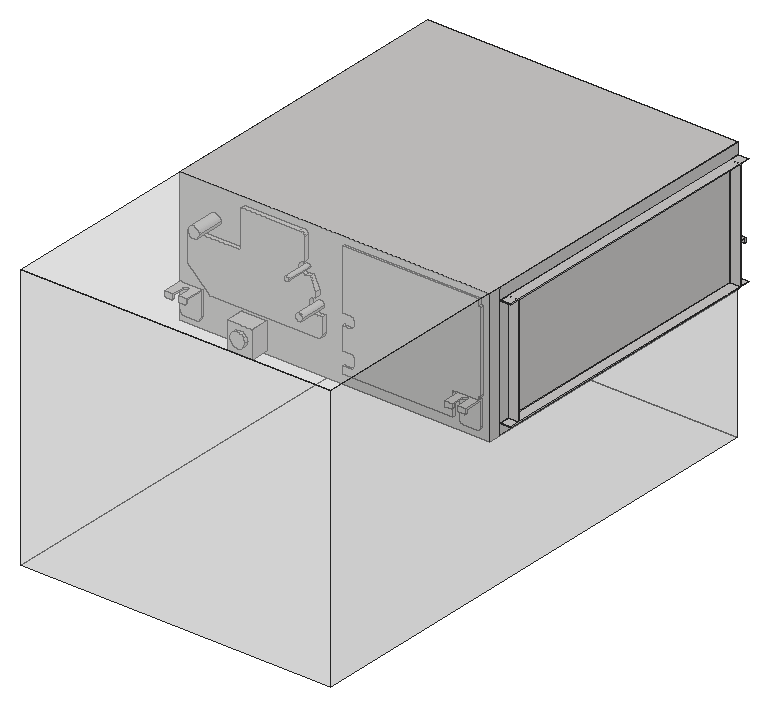
Revit family "outputfile", category 機械設備, Revit 2024
Family settings
  丸型コネクタ寸法 = 半径を使用
  パーツ タイプ = 標準
  OmniClass 番号 = 23.75.10.24.21.27.27
  OmniClass タイトル = Split System Air Conditioning Units
  作業面ベース = いいえ
  常に垂直 = はい
  ロード時にボイドで切り取り = いいえ
  注釈の向きを維持 = いいえ
  共有 = いいえ
  部屋計算ポイント = はい
Parameters (values of type "FXMQ80BFVM")
  Description = ""
  製造元 = "Daikin"
  書き出し IFC クラス(タイプ) = "IfcUnitaryEquipmentType"
  定義済み IFC タイプ(タイプ) = "AIRCONDITIONINGUNIT"
  Cost = 0
  モデル = "FXMQ80BFVM"
  Type Comments = ""
  Keynote = ""
  Type Image = (empty or 0)
  Assembly Code = ""
  w_dischargeflange = 505.0 mm
  w_suctionflange = 670.0 mm
  r_Liquid Pipe Size = Liquid Pipe Size / 2  # 4.75 mm
  r_Gas Pipe Size = Gas Pipe Size / 2  # 7.95 mm
  r_Drain Pipe Size = Drain Pipe Size / 2  # 12.5 mm
  lw_powersupply = 380.0 mm  # constant formula
  lw_mountinghole_pitch = 631.0 mm  # constant formula
  lw_mountinghole = 27.0 mm  # constant formula
  lw_maintenacesocket = 169.0 mm  # constant formula
  lw_liquidpipe = 290.0 mm  # constant formula
  lw_gaspipe = 318.0 mm  # constant formula
  lw_drainpipe = 80.0 mm  # constant formula
  lh_dischargeflange = 165.0 mm  # constant formula
  lh_powersupply = 56.0 mm  # constant formula
  lh_maintenacesocket = 40.0 mm  # constant formula
  lh_liquidpipe = 212.0 mm  # constant formula
  lh_gaspipe = 144.0 mm  # constant formula
  lh_drainpipe = 232.0 mm  # constant formula
  lh_suctionflange = 150.0 mm  # constant formula
  lh_antena = Height - lh_mountinghole + 1.0 mm  # 221.0 mm
  ld_dischargeflange = 285.0 mm
  ld_powersupply = Depth / 2  # 350.0 mm
  ld_mountinghole_pitch = 738.0 mm
  ld_suctionflange = 363.0 mm
  h_dischargeflange = 265.0 mm  # constant formula
  lh_mountinghole = 80.0 mm  # constant formula
  h_mountinghole = [h***] + lh_mountinghole  # 80.0 mm
  h_suctionflange = 297.0 mm  # constant formula
  h*** = 0.0 mm  # constant formula
  d_dischargeflange = 25.0 mm  # constant formula
  d_pipe = 60.0 mm
  d_suctionflange = 25.0 mm  # constant formula
  Width = 700.0 mm
  Voltage_comment_60Hz = "220-230"
  Voltage_comment_50Hz = "220-240"
  Voltage_60Hz = 220 V
  Voltage_50Hz = 230 V
  Version = "ver.1.0"
  Unit Type = "Outdoor Air Processing Unit"
  Unit Mass Weight = 28.00 kg
  Unit Designation [instance] = ""
  Uniclass2015Version = "Products v1.30"
  Uniclass2015Title = "Variable refrigerant flow units"
  Uniclass2015Code = "Pr_70_65_03_94"
  URL = ""
  Total Cooling Capacity [instance] = 0.000 kW
  Supply Air Direction [instance] = yes
  Sound Pressure Level_M speed (dBA) = 30
  Sound Pressure Level_L speed (dBA) = 23
  Sound Pressure Level_H speed (dBA) = 37.5
  Sound Power Level_H speed (dB) = 0
  Series = "VRV Fan Coil Unit"
  Sensible Cooling Capacity [instance] = 0.000 kW
  SA Duct Size Width = 460.0 mm
  SA Duct Size Height = 215.0 mm
  Refrigerant Type = "R410A"
  Power Input (Cooling) = 0.080 kW
  Phase_60Hz = 1
  Phase_50Hz = 1
  Option Accessory 3 [instance] = ""
  Option Accessory 2 [instance] = ""
  Option Accessory 1 [instance] = ""
  OA Duct Size Width = 625.0 mm
  OA Duct Size Height = 247.0 mm
  Nominal Cooling Capacity = 9.000 kW
  Minimum External Static Pressure = 50.00 Pa
  Minimum Circuit Amps_60Hz = 1.38 A
  Minimum Circuit Amps_50Hz = 1.38 A
  Minimum Airflow = 348.00 m³/h
  Median Airflow = 516.00 m³/h
  Maximum Fuse Amps_60Hz = 16.0 A
  Maximum Fuse Amps_50Hz = 16.0 A
  Maximum External Static Pressure = 200.00 Pa
  Maximum Airflow = 690.00 m³/h
  Material_Casing = DAIKIN_GalvanizedSteel_Casing_indoorunit
  Load Classification = HVAC
  Liquid Pipe Size = 9.5 mm
  Link_Nested Family [instance] = ""
  IfcVersion = "0"
  IfcExportType = "AIRCONDITIONINGUNIT"
  IfcExportAs = "IfcUnitaryEquipmentType"
  Height = 300.0 mm
  Heat Exchanger Type = "Cross Fin Coil"
  Gas Pipe Size = 15.9 mm
  Frequency_60Hz = 60 Hz
  Frequency_50Hz = 50 Hz
  Fan Type = "Sirocco Fan"
  Fan Drive = "Direct Drive"
  FCU Tag No. [instance] = ""
  Drain Pipe Size = 25.0 mm
  Design Supply Airflow [instance] = 0.00 m³/h
  Design Outdoor Airflow [instance] = 0.00 m³/h
  Design External Static Pressure [instance] = 0.00 Pa
  Depth = 700.0 mm
  既定の高さ = 0.0 mm
  Cooling Entering Wet Bulb Temperature [instance] = 0.00 °C
  Cooling Entering Dry Bulb Temperature [instance] = 0.00 °C
  Cooling Ambient Wet Bulb Temperature [instance] = 0.00 °C
  Cooling Ambient Dry Bulb Temperature [instance] = 0.00 °C
  Clearance visibility [instance] = yes
  Clearance Top = 0.0 mm
  Clearance Right = 0.0 mm
  Clearance Rear = 0.0 mm
  Clearance Left = 0.0 mm
  Clearance Front = 450.0 mm
  Clearance Bottom = 300.0 mm
Reference planes
  plane 1 "Center (Front/Back)": y = 0
  plane 2: z = 0
  plane 3 "Center (Left/Right)": x = 0
  plane 4 "Back": y = 350
  plane 5 "Front": y = -350
  plane 6 "Left": x = -350
  plane 7 "Right": x = 350
  plane 8 "Top": z = 0
  plane 9 "Bottom": z = -300
  plane 10: y = 350
  plane 11: y = -800
  plane 12: x = 350
  plane 13: x = -350
  plane 14: z = 0
  plane 15: z = -600
  plane 16: y = -356
  plane 17: y = -360
  plane 18: y = -391
  plane 19: y = -399
  plane 20: y = -410
  plane 21 "ld_drainpipe": x = -270
  plane 22 "ld_liquidpipe": x = -60
  plane 23 "ld_gaspipe": x = -32
  plane 24 "lh_gaspipe": z = -156
  plane 25 "lh_drainpipe": z = -68
  plane 26 "lh_liquidpipe": z = -88
  plane 27 "h_mountinghole": z = -220
  plane 28: x = -323
  plane 29: x = 308
  plane 30: y = 369
  plane 31: y = -369
  plane 32 "lh_powersuply": z = -244
  plane 33 "ld_powersupply": x = 30
  plane 34 "lh_suctionflange": z = -150
  plane 35 "ld_suctionflange": y = 13
  plane 36 "ld_dischargeflange": y = 65
  plane 37 "lh_dischargeflange": z = -135
  plane 38 "lh_maintenacesocket": z = -260
  plane 39 "lw_maintenacesocket": x = -181
Forms (mm)
  Extrusion 1, solid, material "DAIKIN_GalvanizedSteel_Casing_indoorunit" <- "Material_Casing"
    sketch origin (0, 0, 0) x (1, 0, 0) y (0, 0, 1)
      loop
        line (-350, 0) -> (-350, -300) -> (350, -300) -> (350, 0) -> (-350, 0)
    from -350 to 350
  Extrusion 2, solid, material "DAIKIN_GalvanizedSteel_Casing_indoorunit" <- "Material_Casing"
    sketch origin (0, 0, 0) x (1, 0, 0) y (0, 0, 1)
      loop
        line (23.104, -151.299) -> (41.1, -151.326)
        arc (41.1, -151.326) -> (46.767, -153.673) -> (49.114, -159.34) r 8.015
        line (49.114, -159.34) -> (49.104, -169.302)
        arc (49.104, -169.302) -> (46.761, -174.959) -> (41.104, -177.302) r 8
        line (41.104, -177.302) -> (23.104, -177.302) -> (23.104, -227.302) -> (41.104, -227.302)
        arc (41.104, -227.302) -> (46.761, -229.645) -> (49.104, -235.302) r 8
        line (49.104, -235.302) -> (49.104, -251.302)
        arc (49.104, -251.302) -> (46.761, -256.959) -> (41.104, -259.302) r 8
        line (41.104, -259.302) -> (23.104, -259.302) -> (23.104, -274.802) -> (271.104, -274.802) -> (271.104, -224.802)
        arc (271.104, -224.802) -> (272.568, -221.266) -> (276.104, -219.802) r 5
        line (276.104, -219.802) -> (327.104, -219.802)
        spline (327.104, -219.802) -> (327.496, -219.776) -> (327.88, -219.7) -> (328.252, -219.574) -> (328.604, -219.4) -> (328.93, -219.182) -> (329.225, -218.923) -> (329.484, -218.628) -> (329.702, -218.302) -> (329.876, -217.95) -> (330.002, -217.578) -> (330.078, -217.194) -> (330.104, -216.802)
        line (330.104, -216.802) -> (330.104, -213) -> (332, -213)
        arc (332, -213) -> (334.121, -212.121) -> (335, -210) r 3
        line (335, -210) -> (335, -32)
        arc (335, -32) -> (334.121, -29.879) -> (332, -29) r 3
        line (332, -29) -> (330.104, -29) -> (330.104, -15.8) -> (23.104, -15.8) -> (23.104, -151.299)
    from 350 to 356
  Extrusion 3, solid, material "DAIKIN_GalvanizedSteel_Casing_indoorunit" <- "Material_Casing"
    sketch origin (0, 0, 0) x (1, 0, 0) y (0, 0, 1)
      loop
        line (-70, -15.8) -> (-201, -15.8)
        arc (-201, -15.8) -> (-203.121, -16.679) -> (-204, -18.8) r 3
        line (-204, -18.8) -> (-204, -102) -> (-321, -102)
        arc (-321, -102) -> (-323.121, -102.879) -> (-324, -105) r 3
        line (-324, -105) -> (-324, -167.757)
        arc (-324, -167.757) -> (-323.772, -168.905) -> (-323.121, -169.879) r 3
        line (-323.121, -169.879) -> (-274.879, -218.121)
        arc (-274.879, -218.121) -> (-273.905, -218.772) -> (-272.757, -219) r 3
        line (-272.757, -219) -> (-30, -219)
        arc (-30, -219) -> (-22.929, -216.071) -> (-20, -209) r 10
        line (-20, -209) -> (-20, -172.5) -> (-26.169, -172.5)
        arc (-26.169, -172.5) -> (-49.051, -159.94) -> (-34, -138.615) r 17.5
        line (-34, -138.615) -> (-34, -127.5) -> (-47, -100.5) -> (-56.429, -100.5)
        arc (-56.429, -100.5) -> (-72.874, -89.803) -> (-60, -75) r 13
        line (-60, -75) -> (-60, -25.8)
        arc (-60, -25.8) -> (-62.929, -18.729) -> (-70, -15.8) r 10
    from 360 to 350
  Extrusion 4, solid, material "DAIKIN_GalvanizedSteel_Casing_indoorunit" <- "Material_Casing"
    sketch origin (0, 0, 0) x (1, 0, 0) y (0, 0, 1)
      loop
        line (-209.102, -232.7) -> (-209.102, -292.398) -> (-152.898, -292.398) -> (-152.898, -232.7)
        arc (-152.898, -232.7) -> (-153.133, -232.133) -> (-153.7, -231.898) r 0.802
        line (-153.7, -231.898) -> (-208.298, -231.898)
        arc (-208.298, -231.898) -> (-208.865, -232.133) -> (-209.102, -232.7) r 0.802
    from 350 to 391
  Extrusion 5, solid, material "DAIKIN_GalvanizedSteel_Casing_indoorunit" <- "Material_Casing"
    sketch origin (0, 0, 0) x (1, 0, 0) y (0, 0, 1)
      loop
        circle (-181, -260) r 16.5
    from 391 to 399
  Extrusion 6, solid, material "DAIKIN_GalvanizedSteel_Casing_indoorunit" <- "Material_Casing"
    sketch origin (0, 0, 0) x (1, 0, 0) y (0, 0, 1)
      loop
        circle (-270, -68) r 12.5
      loop
        circle (-60, -88) r 4.75
      loop
        circle (-32, -156) r 7.95
    from 350 to 410
Dimensions and locks
  "Height": plane 8 "Top" to plane 9 "Bottom"
  equal spacing: plane 6 "Left", plane 3 "Center (Left/Right)", plane 7 "Right", locked at 350 each
  "Width": plane 6 "Left" to plane 7 "Right"
  equal spacing: plane 4 "Back", plane 1 "Center (Front/Back)", plane 5 "Front"
  "Depth": plane 4 "Back" to plane 5 "Front"
  "Clearance Left": plane 13 to plane 6 "Left"
  "Clearance Right": plane 7 "Right" to plane 12
  "Clearance Rear": plane 10 to plane 4 "Back"
  "Clearance Front": plane 5 "Front" to plane 11
  "Clearance Top": plane 14 to plane 8 "Top"
  "Clearance Bottom": plane 9 "Bottom" to plane 15
  Extrusion 2 sketch curve to Extrusion 2 sketch curve to Extrusion 2 sketch curve = 307.0 mm locked, 4.896 mm locked
  Extrusion 2 sketch curve to Extrusion 2 sketch curve to Extrusion 2 sketch curve to Extrusion 2 sketch curve to Extrusion 2 sketch curve = 26.0 mm locked, 222.0 mm locked, 59.0 mm locked, 4.896 mm locked
  locked: Extrusion 2 sketch curve to Extrusion 2 sketch curve at 26.01
  locked: Extrusion 2 sketch curve to nested 1 at 23.104
  locked: Extrusion 2 sketch curve to plane 3 "Center (Left/Right)" at 23.104
  plane 3 "Center (Left/Right)" to Extrusion 2 sketch curve = 23.104 mm
  Extrusion 2 sketch curve to Extrusion 2 sketch curve to Extrusion 2 sketch curve to Extrusion 2 sketch curve to Extrusion 2 sketch curve = 161.502 mm locked, 50.0 mm locked, 32.0 mm locked, 15.5 mm locked
  locked: Extrusion 2 sketch curve to Extrusion 2 sketch curve at 68.127
  locked: Extrusion 2 sketch curve to Extrusion 2 sketch curve at 13.2
  locked: Extrusion 2 sketch curve to Extrusion 2 sketch curve at 6.802
  locked: Extrusion 2 sketch curve to Extrusion 2 sketch curve at 55
  locked: plane 5 "Front" to plane 16 at 6
  locked: plane 5 "Front" to plane 17 at 10
  locked: plane 5 "Front" to plane 18 at 41
  "d_pipe": plane 5 "Front" to plane 20
  "lw_drainpipe": plane 6 "Left" to plane 21 "ld_drainpipe"
  "lw_liquidpipe": plane 6 "Left" to plane 22 "ld_liquidpipe"
  "lw_gaspipe": plane 6 "Left" to plane 23 "ld_gaspipe"
  "lh_gaspipe": plane 24 "lh_gaspipe" to plane 9 "Bottom"
  "lh_liquidpipe": plane 26 "lh_liquidpipe" to plane 9 "Bottom"
  "lh_drainpipe": plane 25 "lh_drainpipe" to plane 9 "Bottom"
  "lh_mountinghole": plane 27 "h_mountinghole" to plane 9 "Bottom"
  "lw_mountinghole": plane 6 "Left" to plane 28
  "lw_mountinghole_pitch": plane 28 to plane 29
  equal spacing: plane 30, plane 1 "Center (Front/Back)", plane 31
  "ld_mountinghole_pitch": plane 30 to plane 31
  locked: Extrusion 3 sketch curve to plane 6 "Left" at 146
  locked: Extrusion 3 sketch curve to plane 6 "Left" at 290
  locked: plane 6 "Left" to Extrusion 3 sketch curve at 26
  locked: Extrusion 3 sketch curve to plane 6 "Left" at 316
  locked: Extrusion 3 sketch curve to plane 6 "Left" at 330
  locked: Extrusion 3 sketch curve to plane 9 "Bottom" at 81
  locked: Extrusion 3 sketch curve to plane 9 "Bottom" at 284.2
  locked: Extrusion 3 sketch curve to plane 9 "Bottom" at 199.5
  locked: Extrusion 3 sketch curve to plane 9 "Bottom" at 127.5
  locked: Extrusion 3 sketch curve to plane 9 "Bottom" at 198
  "lh_powersupply": plane 32 "lh_powersuply" to plane 9 "Bottom"
  "lw_powersupply": plane 6 "Left" to plane 33 "ld_powersupply"
  "lh_suctionflange": plane 34 "lh_suctionflange" to plane 9 "Bottom"
  "ld_suctionflange": plane 35 "ld_suctionflange" to plane 5 "Front"
  "ld_dischargeflange": plane 4 "Back" to plane 36 "ld_dischargeflange"
  "lh_dischargeflange": plane 37 "lh_dischargeflange" to plane 9 "Bottom"
  locked: plane 5 "Front" to plane 19 at 49
  "lh_maintenacesocket": plane 38 "lh_maintenacesocket" to plane 9 "Bottom"
  "lw_maintenacesocket": plane 6 "Left" to plane 39 "lw_maintenacesocket"
  equal spacing: Extrusion 4 sketch curve, plane 39 "lw_maintenacesocket", Extrusion 4 sketch curve
  locked: Extrusion 4 sketch curve to Extrusion 4 sketch curve at 56.204
  Extrusion 4 sketch curve to plane 38 "lh_maintenacesocket" to Extrusion 4 sketch curve = 28.102 mm locked, 32.398 mm locked
  "r_Drain Pipe Size": radius of Extrusion 6 sketch curve
  "r_Liquid Pipe Size": radius of Extrusion 6 sketch curve
  "r_Gas Pipe Size": radius of Extrusion 6 sketch curve
  aligned and locked: level to plane 2
  aligned and locked: Extrusion 1 sketch curve to plane 8 "Top"
  aligned and locked: plane 6 "Left" to Extrusion 1 sketch curve
  aligned and locked: plane 9 "Bottom" to Extrusion 1 sketch curve
  aligned and locked: Extrusion 1 sketch curve to plane 7 "Right"
  aligned and locked: plane 4 "Back" to Extrusion 1
  aligned and locked: Extrusion 1 to plane 5 "Front"
  aligned and locked: plane 10 to nested 1
  aligned and locked: plane 11 to nested 1
  aligned and locked: plane 12 to nested 1
  aligned and locked: nested 1 to plane 13
  aligned and locked: plane 15 to nested 1
  aligned and locked: plane 14 to nested 1
  aligned and locked: Extrusion 2 to plane 16
  aligned and locked: plane 5 "Front" to Extrusion 2
  aligned and locked: Extrusion 4 to plane 18
  aligned and locked: plane 5 "Front" to Extrusion 4
  aligned and locked: Extrusion 5 to plane 19
  aligned and locked: plane 18 to Extrusion 5
  aligned and locked: plane 25 "lh_drainpipe" to Extrusion 6 sketch curve
  aligned and locked: plane 21 "ld_drainpipe" to Extrusion 6 sketch curve
  aligned and locked: plane 26 "lh_liquidpipe" to Extrusion 6 sketch curve
  aligned and locked: plane 22 "ld_liquidpipe" to Extrusion 6 sketch curve
  aligned and locked: plane 23 "ld_gaspipe" to Extrusion 6 sketch curve
  aligned and locked: plane 24 "lh_gaspipe" to Extrusion 6 sketch curve
  aligned and locked: Extrusion 6 to plane 20
  aligned and locked: plane 5 "Front" to Extrusion 6
  aligned and locked: nested 2 to plane 5 "Front"
  aligned and locked: nested 2 to plane 21 "ld_drainpipe"
  aligned and locked: plane 25 "lh_drainpipe" to nested 2
  aligned and locked: nested 3 to plane 5 "Front"
  aligned and locked: nested 4 to plane 5 "Front"
  aligned and locked: plane 26 "lh_liquidpipe" to nested 3
  aligned and locked: plane 24 "lh_gaspipe" to nested 4
  aligned and locked: plane 29 to nested 5
  aligned and locked: plane 4 "Back" to nested 5
  aligned and locked: plane 27 "h_mountinghole" to nested 5
  aligned and locked: plane 28 to nested 6
  aligned and locked: plane 4 "Back" to nested 6
  aligned and locked: plane 27 "h_mountinghole" to nested 6
  aligned and locked: nested 7 to plane 29
  aligned and locked: plane 5 "Front" to nested 7
  aligned and locked: plane 5 "Front" to nested 8
  aligned and locked: nested 8 to plane 28
  aligned and locked: nested 7 to plane 27 "h_mountinghole"
  aligned and locked: nested 8 to plane 27 "h_mountinghole"
  aligned and locked: Extrusion 3 to plane 17
  aligned and locked: plane 5 "Front" to Extrusion 3
  aligned and locked: nested 11 to plane 28
  aligned and locked: nested 11 to plane 30
  aligned and locked: nested 12 to plane 29
  aligned and locked: nested 12 to plane 30
  aligned and locked: nested 9 to plane 29
  aligned and locked: plane 31 to nested 9
  aligned and locked: nested 10 to plane 28
  aligned and locked: plane 31 to nested 10
  aligned and locked: nested 13 to plane 32 "lh_powersuply"
  aligned and locked: plane 1 "Center (Front/Back)" to nested 14
  aligned and locked: nested 14 to plane 3 "Center (Left/Right)"
  aligned and locked: plane 34 "lh_suctionflange" to nested 15
  aligned and locked: plane 7 "Right" to nested 15
  aligned and locked: plane 35 "ld_suctionflange" to nested 15
  aligned and locked: nested 16 to plane 36 "ld_dischargeflange"
  aligned and locked: nested 16 to plane 6 "Left"
  aligned and locked: plane 37 "lh_dischargeflange" to nested 16
  aligned and locked: nested 17 to plane 6 "Left"
  aligned and locked: nested 17 to plane 36 "ld_dischargeflange"
  aligned and locked: plane 7 "Right" to nested 18
  aligned and locked: plane 35 "ld_suctionflange" to nested 18
  aligned and locked: nested 18 to plane 34 "lh_suctionflange"
  aligned and locked: nested 17 to plane 37 "lh_dischargeflange"
  aligned and locked: plane 38 "lh_maintenacesocket" to Extrusion 5 sketch curve
  aligned and locked: plane 39 "lw_maintenacesocket" to Extrusion 5 sketch curve
  aligned and locked: nested 3 to plane 22 "ld_liquidpipe"
  aligned and locked: nested 4 to plane 23 "ld_gaspipe"
  aligned and locked: nested 13 to plane 33 "ld_powersupply"
  aligned and locked: level to plane 8 "Top"
Automatic sketch dimensions
  Extrusion 2 sketch curve to Extrusion 2 sketch curve = 0.027 mm
  Extrusion 2 sketch curve to Extrusion 2 sketch curve = 8.015 mm
  Extrusion 2 sketch curve to Extrusion 2 sketch curve = 8.01 mm
  Extrusion 2 sketch curve to Extrusion 2 sketch curve = 0.0 mm  (x4)
  Extrusion 2 sketch curve to Extrusion 2 sketch curve = 8.0 mm  (x3)
  Extrusion 2 sketch curve to Extrusion 2 sketch curve = 5.0 mm
  Extrusion 2 sketch curve to Extrusion 2 sketch curve = 3.0 mm  (x2)
  Extrusion 2 sketch curve to Extrusion 2 sketch curve = 1.896 mm  (x2)
  Extrusion 2 sketch curve to plane 8 "Top" = 15.8 mm
  Extrusion 4 sketch curve to Extrusion 4 sketch curve = 0.804 mm
  Extrusion 4 sketch curve to Extrusion 4 sketch curve = 0.802 mm  (x2)
  Extrusion 4 sketch curve to Extrusion 4 sketch curve = 0.0 mm
  plane 23 "ld_gaspipe" to Extrusion 3 sketch curve = 0.0 mm
  Extrusion 3 sketch curve to plane 24 "lh_gaspipe" = 0.0 mm
  Extrusion 3 sketch curve to plane 26 "lh_liquidpipe" = 0.0 mm
  plane 28 to Extrusion 3 sketch curve = 0.121 mm
  Extrusion 3 sketch curve to plane 28 = 2.0 mm  (x2)
  plane 21 "ld_drainpipe" to Extrusion 3 sketch curve = 4.879 mm
  plane 21 "ld_drainpipe" to Extrusion 3 sketch curve = 2.757 mm
  Extrusion 3 sketch curve to Extrusion 3 sketch curve = 3.0 mm  (x2)
  plane 22 "ld_liquidpipe" to Extrusion 3 sketch curve = 10.0 mm
  Extrusion 3 sketch curve to plane 22 "ld_liquidpipe" = 3.571 mm
  Extrusion 3 sketch curve to Extrusion 3 sketch curve = 9.429 mm
  Extrusion 3 sketch curve to plane 23 "ld_gaspipe" = 2.0 mm
  Extrusion 3 sketch curve to plane 23 "ld_gaspipe" = 5.831 mm
  Extrusion 3 sketch curve to plane 24 "lh_gaspipe" = 11.757 mm
  Extrusion 3 sketch curve to Extrusion 3 sketch curve = 11.115 mm
  radius of Extrusion 5 sketch curve = 16.5 mm
Nested families
  nested 1: "daikin_clearancespace" at (0, -225, -299.881), visible <- "Clearance visibility", show <- "Clearance visibility", Link_Nested Family <- "Link_Nested Family", type "daikin_clearancespace"
    with width 700.0 mm, show yes, height 600.0 mm, depth 1150.0 mm, Link_Nested Family ""
  nested 2: "daikin_connector_rotate2" at (-270, -350, -68), length <- "d_pipe", radius <- "r_Drain Pipe Size", type "daikin_connector_rotate2"
    with radius 12.5 mm, length 60.0 mm, angle_vertical 90.00°, show_face no
  nested 3: "daikin_connector_rotate2" at (-60, -350, -88), length <- "d_pipe", radius <- "r_Liquid Pipe Size", type "daikin_connector_rotate2"
    with radius 4.75 mm, length 60.0 mm, angle_vertical 90.00°, show_face no
  nested 4: "daikin_connector_rotate2" at (-32, -350, -156), length <- "d_pipe", radius <- "r_Gas Pipe Size", type "daikin_connector_rotate2"
    with radius 7.95 mm, length 60.0 mm, angle_vertical 90.00°, show_face no
  nested 5: "daikin_hangerfixture_FXMQ-BFVM" at (308, 350, -220) x (-1, 0, 0) z (0, 0, 1), type "daikin_hangerfixture_FXMQ-BFVM"
  nested 6: "daikin_hangerfixture_FXMQ-BFVM" at (-323, 350, -220) x (-1, 0, 0) z (0, 0, 1), type "daikin_hangerfixture_FXMQ-BFVM"
  nested 7: "daikin_hangerfixture_FXMQ-BFVM" at (308, -350, -220) x (-1, 0, 0) z (0, 0, 1), type "daikin_hangerfixture_FXMQ-BFVM"
  nested 8: "daikin_hangerfixture_FXMQ-BFVM" at (-323, -350, -220) x (-1, 0, 0) z (0, 0, 1), type "daikin_hangerfixture_FXMQ-BFVM"
  nested 9: "daikin_mountinghole" at (308, -369, -300), Link_Nested Family <- "Link_Nested Family", l_antenna <- "lh_antena", h_mountinghole <- "h_mountinghole", type "daikin_mountinghole"
    with show yes, l_antenna 221.0 mm, h_mountinghole 80.0 mm, Link_Nested Family ""
  nested 10: "daikin_mountinghole" at (-323, -369, -300), Link_Nested Family <- "Link_Nested Family", l_antenna <- "lh_antena", h_mountinghole <- "h_mountinghole", type "daikin_mountinghole"
    with show yes, l_antenna 221.0 mm, h_mountinghole 80.0 mm, Link_Nested Family ""
  nested 11: "daikin_mountinghole" at (-323, 369, -300), Link_Nested Family <- "Link_Nested Family", l_antenna <- "lh_antena", h_mountinghole <- "h_mountinghole", type "daikin_mountinghole"
    with show yes, l_antenna 221.0 mm, h_mountinghole 80.0 mm, Link_Nested Family ""
  nested 12: "daikin_mountinghole" at (308, 369, -300), Link_Nested Family <- "Link_Nested Family", l_antenna <- "lh_antena", h_mountinghole <- "h_mountinghole", type "daikin_mountinghole"
    with show yes, l_antenna 221.0 mm, h_mountinghole 80.0 mm, Link_Nested Family ""
  nested 13: "daikin_connector_rotate2" at (30, 0, -244), length <- "ld_powersupply", type "daikin_connector_rotate2"
    with radius 10.0 mm, length 350.0 mm, angle_vertical 90.00°, show_face no
  nested 14: "daikin_△_symbolicline" at (0, 0, 300) x (0, -1, 0) z (0, 0, 1), visible <- "Supply Air Direction", built-in parameter 1001364 <- "Height", type "daikin_△_symbolicline"
    with length 300.0 mm
  nested 15: "daikin_ductflange_FXMQ-BFVM" at (350, 13, -298.5) x (0, 1, 0) z (0, 0, 1), depth <- "d_suctionflange", height <- "h_suctionflange", width <- "w_suctionflange", material <- "Material_Casing", type "daikin_ductflange_FXMQ-BFVM"
    with width 670.0 mm, top1 25.0 mm, right1 22.5 mm, material DAIKIN_GalvanizedSteel_Casing_indoorunit, left1 22.5 mm, height 297.0 mm, depth 25.0 mm, Bottom1 25.0 mm
  nested 16: "daikin_ductflange_FXMQ-BFVM" at (-350, 65, -267.5) x (0, -1, 0) z (0, 0, 1), material <- "Material_Casing", depth <- "d_dischargeflange", height <- "h_dischargeflange", width <- "w_dischargeflange", type "daikin_ductflange_FXMQ-BFVM"
    with width 505.0 mm, top1 25.0 mm, right1 22.5 mm, material DAIKIN_GalvanizedSteel_Casing_indoorunit, left1 22.5 mm, height 265.0 mm, depth 25.0 mm, Bottom1 25.0 mm
  nested 17: "daikin_connector_rotate2" at (-350, 65, -135) x (0, -1, 0) z (0, 0, 1), length <- "d_dischargeflange", type "daikin_connector_rotate2"
    with radius 10.0 mm, length 25.0 mm, angle_vertical 90.00°, show_face no
  nested 18: "daikin_connector_rotate2" at (350, 13, -150) x (0, 1, 0) z (0, 0, 1), length <- "d_suctionflange", type "daikin_connector_rotate2"
    with radius 10.0 mm, length 25.0 mm, angle_vertical 90.00°, show_face no
Connectors
  piping at (-270, -410, -68), diameter 25, driven by "r_Drain Pipe Size"
    settings: on nested 2, index 1, connector inside diameter 609.6 mm, connector length 0.0 mm, flow factor 0, pipe flow 0.00 m³/h, pressure drop 0.0 Pa, fitting loss kfactor 0, connector angle 0.00°, fixture units 0, engagement length 0.0 mm, angle of deflection 0.00°, flow configuration 1, flow direction 2, fitting loss method 4, system type 16, joint type 0, gender type 0, connector reference index -1, connector utility 0, adjustable connector no, is connector primary yes, connector description "Condensate Drain Piping"
  piping at (-60, -410, -88), diameter 9.5, driven by "r_Liquid Pipe Size"
    settings: on nested 3, index 2, connector inside diameter 609.6 mm, connector length 0.0 mm, flow factor 0, pipe flow 0.00 m³/h, pressure drop 0.0 Pa, fitting loss kfactor 0, connector angle 0.00°, fixture units 0, engagement length 0.0 mm, angle of deflection 0.00°, flow configuration 1, flow direction 1, fitting loss method 0, system type 29, joint type 0, gender type 0, connector reference index -1, connector utility 0, adjustable connector no, is connector primary no, connector description "Refrigerant Liquid Piping"
  piping at (-32, -410, -156), diameter 15.9, driven by "r_Gas Pipe Size"
    settings: on nested 4, index 3, connector inside diameter 609.6 mm, connector length 0.0 mm, flow factor 0, pipe flow 0.00 m³/h, pressure drop 0.0 Pa, fitting loss kfactor 0, connector angle 0.00°, fixture units 0, engagement length 0.0 mm, angle of deflection 0.00°, flow configuration 1, flow direction 2, fitting loss method 0, system type 29, joint type 0, gender type 0, connector reference index -1, connector utility 0, adjustable connector no, is connector primary no, connector description "Refrigerant Gas Piping"
  electrical at (30, -350, -244), driven by "Load Classification"
    settings: on nested 13, index 4, voltage 0 V, apparent load 0 VA, apparent load phase1 0 VA, apparent load phase2 0 VA, apparent load phase3 0 VA, power factor 1, load classification "HVAC", number of poles 1, system type 30, power factor state 1, is connector primary yes, connector utility no, sub classification motor no, connector description "Power Supply"
  hvac at (375, 13, -150), driven by "OA Duct Size Height", driven by "OA Duct Size Width"
    settings: on nested 15, index 5, duct flow 0.00 m³/h, flow factor 0, pres drop 0.00 Pa, loss coef 0, conn angle 0.00°, conn width 625.0 mm, conn height 247.0 mm, conn diameter 609.6 mm, duct sys type 1, conn prof type 1, flow config 0, flow direction 1, loss method 4, conn ref index -1, conn util no, is conn primary no, conn desc "OA Duct"
  hvac at (-375, 65, -135), driven by "SA Duct Size Height", driven by "SA Duct Size Width"
    settings: on nested 16, index 6, duct flow 0.00 m³/h, flow factor 0, pres drop 0.00 Pa, loss coef 0, conn angle 0.00°, conn width 460.0 mm, conn height 215.0 mm, conn diameter 609.6 mm, duct sys type 1, conn prof type 1, flow config 0, flow direction 2, loss method 4, conn ref index -1, conn util no, is conn primary yes, conn desc "SA Duct"
Definition of nested family "daikin_clearancespace"
  Parameters (values of type "daikin_clearancespace")
    width [instance] = 1823.963 mm
    show [instance] = yes
    material = none
    height [instance] = 1359.762 mm
    depth [instance] = 880.0 mm
    Default Elevation = 0.0 mm
    Link_Nested Family [instance] = ""
  Reference planes
    plane 1 "Center (Front/Back)": y = 0
    plane 2 "Center (Elevation)": z = -0.119
    plane 3 "Center (Left/Right)": x = 0
    plane 4: y = 440
    plane 5: y = -440
    plane 6 "Right": x = 911.982
    plane 7 "Left": x = -911.982
    plane 8 "Top": z = 679.762
    plane 9 "Bottom": z = -680
  Forms (mm)
    Extrusion 1, solid, material <- "material", visible <- "show"
      sketch origin (0, 0, 0) x (1, 0, 0) y (0, 1, 0)
        loop
          line (-911.982, 440) -> (-911.982, -440) -> (911.982, -440) -> (911.982, 440) -> (-911.982, 440)
      from -680 to 679.762
  Lines and regions (mm)
    symbolic lines, visible <- "show"
      curve 1: line (911.982, 440, 0) -> (-911.982, 440, 0)
      curve 2: line (-911.982, 440, 0) -> (-911.982, -440, 0)
      curve 3: line (-911.982, -440, 0) -> (911.982, -440, 0)
      curve 4: line (911.982, -440, 0) -> (911.982, 440, 0)
      curve 5: line (911.982, 0, 679.762) -> (-911.982, 0, 679.762)
      curve 6: line (911.982, 0, -680) -> (911.982, 0, 679.762)
      curve 7: line (-911.982, 0, -680) -> (911.982, 0, -680)
      curve 8: line (-911.982, 0, 679.762) -> (-911.982, 0, -680)
      curve 9: line (0, 440, 679.762) -> (0, -440, 679.762)
      curve 10: line (0, -440, 679.762) -> (0, -440, -680)
      curve 11: line (0, 440, -680) -> (0, 440, 679.762)
      curve 12: line (0, -440, -680) -> (0, 440, -680)
  Dimensions and locks
    "width": plane 7 "Left" to plane 6 "Right"
    "depth": plane 4 to plane 5
    "height": plane 8 "Top" to plane 9 "Bottom"
    equal spacing: plane 7 "Left", plane 3 "Center (Left/Right)", plane 6 "Right"
    equal spacing: plane 4, plane 1 "Center (Front/Back)", plane 5
    equal spacing: plane 8 "Top", plane 2 "Center (Elevation)", plane 9 "Bottom"
    aligned and locked: level to plane 2 "Center (Elevation)"
    aligned and locked: Extrusion 1 sketch curve to plane 4
    aligned and locked: plane 7 "Left" to Extrusion 1 sketch curve
    aligned and locked: Extrusion 1 sketch curve to plane 5
    aligned and locked: Extrusion 1 sketch curve to plane 6 "Right"
    aligned and locked: plane 8 "Top" to Extrusion 1
    aligned and locked: curve 1 to Extrusion 1
    aligned and locked: curve 2 to Extrusion 1
    aligned and locked: curve 3 to Extrusion 1
    aligned and locked: curve 4 to Extrusion 1
    aligned and locked: curve 5 to Extrusion 1
    aligned and locked: curve 6 to Extrusion 1
    aligned and locked: curve 7 to Extrusion 1
    aligned and locked: curve 8 to Extrusion 1
    aligned and locked: curve 9 to Extrusion 1
    aligned and locked: curve 10 to Extrusion 1
    aligned and locked: curve 11 to Extrusion 1
    aligned and locked: curve 12 to Extrusion 1
    aligned and locked: Extrusion 1 to plane 9 "Bottom"
Definition of nested family "daikin_hangerfixture_FXMQ-BFVM"
  Parameters (values of type "daikin_hangerfixture_CeilingMountedDuct")
    width = 48.0 mm
    material = none
    height = 65.0 mm
    depth = 45.0 mm
    Default Elevation = 0.0 mm
  Reference planes
    plane 1 "Center (Front/Back)": y = 0
    plane 2: z = 0
    plane 3 "Center (Left/Right)": x = 0
    plane 4: y = 417.146
    plane 5: y = -45
    plane 6: x = -24
    plane 7: x = 24
    plane 8: z = -2.3
    plane 9: z = -65
    plane 10: y = -2.3
    plane 11: z = -12
    plane 12: y = -42.7
  Forms (mm)
    Extrusion 1, solid, material <- "material"
      sketch origin (0, 0, 0) x (1, 0, 0) y (0, 1, 0)
        loop
          line (24, 0) -> (-24, 0) -> (-24, -45) -> (-6, -45) -> (-6, -19)
          arc (-6, -19) -> (0, -13) -> (6, -19) r 6
          line (6, -19) -> (6, -45) -> (24, -45) -> (24, 0)
      from 0 to -2.3
    Extrusion 2, solid, material <- "material"
      sketch origin (0, 0, 0) x (1, 0, 0) y (0, 0, 1)
        loop
          line (24, -55) -> (24, 0) -> (-24, 0) -> (-24, -55)
          arc (-24, -55) -> (-21.071, -62.071) -> (-14, -65) r 10
          line (-14, -65) -> (14, -65)
          arc (14, -65) -> (21.071, -62.071) -> (24, -55) r 10
      from 0 to 2.3
    Extrusion 3, solid, material <- "material"
      sketch origin (0, 0, 0) x (1, 0, 0) y (0, 0, 1)
        loop
          line (-6, -9) -> (-6, 0) -> (-24, 0) -> (-24, -9)
          arc (-24, -9) -> (-23.121, -11.121) -> (-21, -12) r 3
          line (-21, -12) -> (-9, -12)
          arc (-9, -12) -> (-6.879, -11.121) -> (-6, -9) r 3
        loop
          line (6, 0) -> (6, -9)
          arc (6, -9) -> (6.879, -11.121) -> (9, -12) r 3
          line (9, -12) -> (21, -12)
          arc (21, -12) -> (23.121, -11.121) -> (24, -9) r 3
          line (24, -9) -> (24, 0) -> (6, 0)
      from 42.7 to 45
  Cuts and joins
    joined: Extrusion 1, Extrusion 2, Extrusion 3
  Dimensions and locks
    "width": plane 6 to plane 7
    "depth": plane 5 to plane 1 "Center (Front/Back)"
    plane 2 to plane 8 = 2.3 mm
    "height": plane 2 to plane 9
    locked: plane 10 to plane 1 "Center (Front/Back)" at 2.3
    locked: plane 2 to plane 11 at 12
    locked: plane 12 to plane 5 at 2.3
    aligned and locked: level to plane 2
    aligned and locked: Extrusion 1 sketch curve to plane 1 "Center (Front/Back)"
    aligned and locked: plane 7 to Extrusion 1
    aligned and locked: Extrusion 1 to plane 6
    aligned and locked: Extrusion 1 to plane 5  (x2)
    aligned and locked: Extrusion 1 to plane 8
    aligned and locked: plane 2 to Extrusion 1
    aligned and locked: plane 2 to Extrusion 2 sketch curve
    aligned and locked: Extrusion 2 to plane 9
    aligned and locked: Extrusion 2 to plane 10
    aligned and locked: Extrusion 2 to plane 1 "Center (Front/Back)"
    aligned and locked: plane 2 to Extrusion 3 sketch curve  (x2)
    aligned and locked: Extrusion 3 to plane 11  (x2)
    aligned and locked: plane 12 to Extrusion 3
    aligned and locked: Extrusion 3 to plane 5
  Automatic sketch dimensions
    Extrusion 1 sketch curve to plane 6 = 0.0 mm
    Extrusion 1 sketch curve to plane 5 = 0.0 mm  (x2)
    Extrusion 1 sketch curve to plane 3 "Center (Left/Right)" = 0.0 mm
    Extrusion 1 sketch curve to plane 7 = 0.0 mm
    Extrusion 1 sketch curve to plane 3 "Center (Left/Right)" = 6.0 mm
    plane 1 "Center (Front/Back)" to Extrusion 1 sketch curve = 19.0 mm
    Extrusion 2 sketch curve to plane 7 = 0.0 mm
    Extrusion 2 sketch curve to plane 7 = 10.0 mm
    Extrusion 2 sketch curve to plane 8 = 52.7 mm
    plane 6 to Extrusion 2 sketch curve = 10.0 mm
    Extrusion 2 sketch curve to plane 6 = 0.0 mm
    Extrusion 3 sketch curve to plane 6 = 0.0 mm
    Extrusion 3 sketch curve to plane 7 = 0.0 mm
    Extrusion 3 sketch curve to Extrusion 3 sketch curve = 3.0 mm  (x2)
    Extrusion 3 sketch curve to plane 8 = 6.7 mm
    Extrusion 3 sketch curve to plane 3 "Center (Left/Right)" = 9.0 mm
    Extrusion 3 sketch curve to plane 3 "Center (Left/Right)" = 6.0 mm
    plane 3 "Center (Left/Right)" to Extrusion 3 sketch curve = 6.0 mm
    Extrusion 3 sketch curve to plane 7 = 3.0 mm
    Extrusion 3 sketch curve to plane 8 = 9.7 mm
Definition of nested family "daikin_ductflange_FXMQ-BFVM"
  Parameters (values of type "daikin_ductflange_CeilingMountedDuct")
    width [instance] = 670.0 mm
    right1 [instance] = 22.5 mm
    left1 [instance] = 22.5 mm
    Bottom1 [instance] = 25.0 mm
    material [instance] = none
    height [instance] = 272.0 mm
    depth [instance] = 25.0 mm
    top1 [instance] = 25.0 mm
    Default Elevation = 0.0 mm
  Reference planes
    plane 1 "Center (Front/Back)": y = 0
    plane 2: z = 0
    plane 3 "Center (Left/Right)": x = 0
    plane 4: y = -25
    plane 5: x = -335
    plane 6: x = 335
    plane 7 "Top": z = 272
    plane 8: y = -1
    plane 9: x = -312.5
    plane 10: x = 312.5
    plane 11: z = 247
    plane 12: z = 25
    plane 13 "Center (Elevation)": z = 136
  Forms (mm)
    Extrusion 1, solid, material <- "material"
      sketch origin (0, 0, 0) x (1, 0, 0) y (0, 0, 1)
        loop
          line (-335, 272) -> (-335, 0) -> (335, 0) -> (335, 272) -> (-335, 272)
        loop
          line (-312.5, 247) -> (-312.5, 25) -> (312.5, 25) -> (312.5, 247) -> (-312.5, 247)
      from 0 to 1
    Extrusion 2, solid, material <- "material"
      sketch origin (0, 0, 0) x (1, 0, 0) y (0, 1, 0)
        loop
          line (-312.5, -1) -> (-313.496, -1) -> (-313.496, -25) -> (-312.5, -25) -> (-312.5, -1)
        loop
          line (312.5, -1) -> (312.5, -25) -> (313.496, -25) -> (313.496, -1) -> (312.5, -1)
      from 25 to 247
    Extrusion 3, solid, material <- "material"
      sketch origin (0, 0, 0) x (0, 1, 0) y (0, 0, 1)
        loop
          line (-1, 247) -> (-1, 247.958) -> (-25, 247.958) -> (-25, 247) -> (-1, 247)
        loop
          line (-1, 25) -> (-25, 25) -> (-25, 24.042) -> (-1, 24.042) -> (-1, 25)
      from -335 to 335
  Cuts and joins
    joined: Extrusion 1, Extrusion 2, Extrusion 3
  Dimensions and locks
    "height": plane 7 "Top" to plane 2
    "width": plane 5 to plane 6
    equal spacing: plane 5, plane 3 "Center (Left/Right)", plane 6
    "depth": plane 1 "Center (Front/Back)" to plane 4
    locked: plane 8 to plane 1 "Center (Front/Back)" at 1
    "left1": plane 5 to plane 9
    "right1": plane 10 to plane 6
    locked: Extrusion 2 sketch curve to Extrusion 2 sketch curve at 0.996  (x2)
    "top1": plane 7 "Top" to plane 11
    "Bottom1": plane 12 to plane 2
    equal spacing: plane 7 "Top", plane 13 "Center (Elevation)", plane 2
    locked: Extrusion 3 sketch curve to Extrusion 2 at 0.958  (x2)
    aligned and locked: level to plane 2
    aligned and locked: Extrusion 1 sketch curve to plane 7 "Top"
    aligned and locked: plane 5 to Extrusion 1 sketch curve
    aligned and locked: Extrusion 1 sketch curve to plane 6
    aligned and locked: plane 2 to Extrusion 1 sketch curve
    aligned and locked: Extrusion 1 to plane 8
    aligned and locked: Extrusion 2 sketch curve to plane 8
    aligned and locked: Extrusion 2 sketch curve to plane 9
    aligned and locked: plane 8 to Extrusion 2 sketch curve
    aligned and locked: Extrusion 2 sketch curve to plane 10
    aligned and locked: plane 11 to Extrusion 2
    aligned and locked: Extrusion 2 to plane 12
    aligned and locked: plane 8 to Extrusion 3 sketch curve
    aligned and locked: Extrusion 3 sketch curve to plane 11
    aligned and locked: Extrusion 3 sketch curve to plane 8
    aligned and locked: Extrusion 3 sketch curve to plane 12
    aligned and locked: Extrusion 3 to plane 5
    aligned and locked: plane 6 to Extrusion 3
    aligned and locked: plane 4 to Extrusion 2 sketch curve
    aligned and locked: Extrusion 2 sketch curve to plane 4
    aligned and locked: plane 4 to Extrusion 3 sketch curve
    aligned and locked: Extrusion 3 sketch curve to plane 4
    aligned and locked: plane 9 to Extrusion 1 sketch curve
    aligned and locked: Extrusion 1 sketch curve to plane 10
    aligned and locked: plane 12 to Extrusion 1 sketch curve
    aligned and locked: Extrusion 1 sketch curve to plane 11
Definition of nested family "daikin_connector_rotate2"
  Parameters (values of type "daikin_connector_rotate2")
    show_face = yes
    radius [instance] = 10.0 mm
    length [instance] = 600.0 mm
    d_surface = 10.0 mm
    angle_vertical [instance] = 90.00°
    Default Elevation = 0.0 mm
  Reference planes
    plane 1 "Center (Front/Back)": y = 0
    plane 2: z = 0
    plane 3 "Center (Left/Right)": x = 0
  Forms (mm)
    Extrusion 1, solid, visible <- "show_face"
      sketch origin (0, -600, 0) x (1, 0, 0) y (0, 0, 1)
        loop
          circle (0, 0) r 10
      from 0 to -10
  Lines and regions (mm)
    reference lines
      curve 1: line (0, 0, 0) -> (0, -600, 0)
    symbolic lines
      curve 2: circle (0, 0, 0) r 5 normal (0, 0, 1)
    model lines, visible <- "show_face"
      curve 3: line (0, 0, 0) -> (0, -600, 0)
  Dimensions and locks
    "length": curve 1 to curve 1
    "length": curve 3 to curve 3
    "d_surface": Extrusion 1 to Extrusion 1
    "radius": radius of Extrusion 1 sketch curve
    "angle_vertical": angle curve 1 to plane 1 "Center (Front/Back)"
    "angle_vertical": angle curve 3 to plane 1 "Center (Front/Back)"
    aligned and locked: level to plane 2
    aligned and locked: plane 1 "Center (Front/Back)" to curve 1
    aligned and locked: plane 2 to curve 1
    aligned and locked: plane 1 "Center (Front/Back)" to curve 2
    aligned and locked: plane 3 "Center (Left/Right)" to curve 2
    aligned and locked: plane 1 "Center (Front/Back)" to curve 3
    aligned and locked: plane 2 to curve 3
    aligned and locked: Extrusion 1 to Extrusion 1
  Automatic sketch dimensions
    Extrusion 1 sketch curve to level = 0.0 mm
    Extrusion 1 sketch curve to plane 3 "Center (Left/Right)" = 0.0 mm
    radius of curve 2 = 5.0 mm
Definition of nested family "daikin_mountinghole"
  Parameters (values of type "daikin_mountinghole")
    Default Elevation = 1219.2 mm
    Type Comments = "mountinghole"
    show [instance] = yes
    material = none
    l_centerline = 100.0 mm
    l_antenna [instance] = 100.0 mm
    h_mountinghole [instance] = 0.0 mm
    d_circle = 30.0 mm
    Link_Nested Family [instance] = ""
  Reference planes
    plane 1 "Center (Front/Back)": y = 0
    plane 2: z = 0
    plane 3 "Center (Left/Right)": x = 0
    plane 4: y = 50
    plane 5: x = -50
    plane 6: x = 50
    plane 7: y = -50
    plane 8 "h_mountinghole": z = 0
    plane 9: z = 100
  Lines and regions (mm)
    model lines, detail levels fine
      curve 1: circle (0, 0, 0) r 15 normal (0, 0, 1)
      curve 2: line (-50, 0, 0) -> (50, 0, 0)
      curve 3: line (0, 50, 0) -> (0, -50, 0)
    symbolic lines, detail levels fine
      curve 4: circle (0, 0, 0) r 15 normal (0, 0, 1)
      curve 5: line (-50, 0, 0) -> (50, 0, 0)
      curve 6: line (0, 50, 0) -> (0, -50, 0)
    model lines
      curve 7: line (0, 0, 100) -> (0, 0, 0)
  Dimensions and locks
    equal spacing: plane 4, plane 1 "Center (Front/Back)", plane 7
    "l_centerline": plane 4 to plane 7
    equal spacing: plane 5, plane 3 "Center (Left/Right)", plane 6
    "l_centerline": plane 5 to plane 6
    "l_antenna": plane 9 to plane 8 "h_mountinghole"
    "h_mountinghole": plane 8 "h_mountinghole" to plane 2
    "d_circle": diameter of curve 1
    "d_circle": diameter of curve 4
    aligned and locked: level to plane 2
    aligned and locked: plane 1 "Center (Front/Back)" to curve 1
    aligned and locked: plane 3 "Center (Left/Right)" to curve 1
    aligned and locked: plane 1 "Center (Front/Back)" to curve 2
    aligned and locked: curve 3 to plane 3 "Center (Left/Right)"
    aligned and locked: plane 6 to curve 2
    aligned and locked: plane 5 to curve 2
    aligned and locked: plane 4 to curve 3
    aligned and locked: plane 7 to curve 3
    aligned and locked: plane 1 "Center (Front/Back)" to curve 4
    aligned and locked: plane 3 "Center (Left/Right)" to curve 4
    aligned and locked: plane 6 to curve 5
    aligned and locked: plane 5 to curve 5
    aligned and locked: plane 1 "Center (Front/Back)" to curve 5
    aligned and locked: plane 4 to curve 6
    aligned and locked: plane 7 to curve 6
    aligned and locked: curve 6 to plane 3 "Center (Left/Right)"
    aligned and locked: curve 7 to plane 3 "Center (Left/Right)"
    aligned and locked: plane 9 to curve 7
    aligned and locked: plane 8 "h_mountinghole" to curve 7
Definition of nested family "daikin_△_symbolicline"
  Parameters (values of type "daikin_△_symbolicline")
    length [instance] = 500.0 mm
    Default Elevation = 0.0 mm
  Reference planes
    plane 1 "Center (Front/Back)": y = 0
    plane 2: z = 0
    plane 3 "Center (Left/Right)": x = 0
  Lines and regions (mm)
    symbolic lines
      curve 1: line (0, -433.013, 0) -> (250, 0, 0)
      curve 2: line (250, 0, 0) -> (-250, 0, 0)
      curve 3: line (-250, 0, 0) -> (0, -433.013, 0)
  Dimensions and locks
    equal spacing: curve 3, plane 3 "Center (Left/Right)", curve 2
    "length": curve 3 to curve 2
    "length": curve 3 to curve 3
    "length": curve 1 to curve 1
    aligned and locked: level to plane 2
    aligned and locked: curve 2 to plane 1 "Center (Front/Back)"
    aligned and locked: plane 3 "Center (Left/Right)" to curve 3
